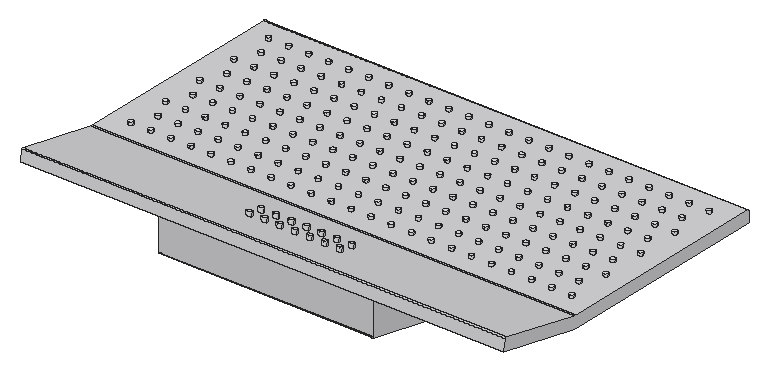
Revit family "Shower-Showerhead-KOHLER-BEITOU-K-22436T_1", category Plumbing Fixtures, host Face, Revit 2017 (continued)
Definition of nested family "K-22436T"
  Lines and regions (in)
    symbolic lines, detail levels medium+fine
      curve 277: arc (0.64607, 3.20992, 0) -> (0.73008, 3.29394, 0) -> (0.81409, 3.20992, 0) r 0.08401
      curve 278: arc (0.81409, 3.20992, 0) -> (0.73008, 3.12591, 0) -> (0.64607, 3.20992, 0) r 0.08401
      curve 279: arc (0.28006, 2.42502, 0) -> (0.36407, 2.50903, 0) -> (0.44808, 2.42502, 0) r 0.08401
      curve 280: arc (0.44808, 2.42502, 0) -> (0.36407, 2.34101, 0) -> (0.28006, 2.42502, 0) r 0.08401
      curve 281: arc (1.01625, 2.42502, 0) -> (1.10026, 2.50903, 0) -> (1.18428, 2.42502, 0) r 0.08401
      curve 282: arc (1.18428, 2.42502, 0) -> (1.10026, 2.34101, 0) -> (1.01625, 2.42502, 0) r 0.08401
      curve 283: arc (1.75455, 2.42502, 0) -> (1.83857, 2.50903, 0) -> (1.92258, 2.42502, 0) r 0.08401
      curve 284: arc (1.92258, 2.42502, 0) -> (1.83857, 2.34101, 0) -> (1.75455, 2.42502, 0) r 0.08401
      curve 285: arc (2.48227, 2.42502, 0) -> (2.56628, 2.50903, 0) -> (2.65029, 2.42502, 0) r 0.08401
      curve 286: arc (2.65029, 2.42502, 0) -> (2.56628, 2.34101, 0) -> (2.48227, 2.42502, 0) r 0.08401
      curve 287: arc (3.22057, 2.42502, 0) -> (3.30458, 2.50903, 0) -> (3.38859, 2.42502, 0) r 0.08401
      curve 288: arc (3.38859, 2.42502, 0) -> (3.30458, 2.34101, 0) -> (3.22057, 2.42502, 0) r 0.08401
      curve 289: arc (3.9486, 2.42502, 0) -> (4.03261, 2.50903, 0) -> (4.11662, 2.42502, 0) r 0.08401
      curve 290: arc (4.11662, 2.42502, 0) -> (4.03261, 2.34101, 0) -> (3.9486, 2.42502, 0) r 0.08401
      curve 291: arc (4.68007, 2.42502, 0) -> (4.76408, 2.50903, 0) -> (4.84809, 2.42502, 0) r 0.08401
      curve 292: arc (4.84809, 2.42502, 0) -> (4.76408, 2.34101, 0) -> (4.68007, 2.42502, 0) r 0.08401
      curve 293: arc (5.42257, 2.42502, 0) -> (5.50658, 2.50903, 0) -> (5.5906, 2.42502, 0) r 0.08401
      curve 294: arc (5.5906, 2.42502, 0) -> (5.50658, 2.34101, 0) -> (5.42257, 2.42502, 0) r 0.08401
      curve 295: arc (6.15746, 2.42502, 0) -> (6.24147, 2.50903, 0) -> (6.32548, 2.42502, 0) r 0.08401
      curve 296: arc (6.32548, 2.42502, 0) -> (6.24147, 2.34101, 0) -> (6.15746, 2.42502, 0) r 0.08401
      curve 297: arc (6.88572, 2.42502, 0) -> (6.96973, 2.50903, 0) -> (7.05375, 2.42502, 0) r 0.08401
      curve 298: arc (7.05375, 2.42502, 0) -> (6.96973, 2.34101, 0) -> (6.88572, 2.42502, 0) r 0.08401
      curve 299: arc (7.62195, 2.42502, 0) -> (7.70596, 2.50903, 0) -> (7.78998, 2.42502, 0) r 0.08401
      curve 300: arc (7.78998, 2.42502, 0) -> (7.70596, 2.34101, 0) -> (7.62195, 2.42502, 0) r 0.08401
      curve 301: arc (7.99046, 1.63475, 0) -> (8.07447, 1.71877, 0) -> (8.15848, 1.63475, 0) r 0.08401
      curve 302: arc (8.15848, 1.63475, 0) -> (8.07447, 1.55074, 0) -> (7.99046, 1.63475, 0) r 0.08401
      curve 303: arc (7.2576, 1.63475, 0) -> (7.34161, 1.71877, 0) -> (7.42563, 1.63475, 0) r 0.08401
      curve 304: arc (7.42563, 1.63475, 0) -> (7.34161, 1.55074, 0) -> (7.2576, 1.63475, 0) r 0.08401
      curve 305: arc (6.51529, 1.63475, 0) -> (6.5993, 1.71877, 0) -> (6.68331, 1.63475, 0) r 0.08401
      curve 306: arc (6.68331, 1.63475, 0) -> (6.5993, 1.55074, 0) -> (6.51529, 1.63475, 0) r 0.08401
      curve 307: arc (5.78139, 1.63475, 0) -> (5.86541, 1.71877, 0) -> (5.94942, 1.63475, 0) r 0.08401
      curve 308: arc (5.94942, 1.63475, 0) -> (5.86541, 1.55074, 0) -> (5.78139, 1.63475, 0) r 0.08401
      curve 309: arc (5.04516, 1.63475, 0) -> (5.12918, 1.71877, 0) -> (5.21319, 1.63475, 0) r 0.08401
      curve 310: arc (5.21319, 1.63475, 0) -> (5.12918, 1.55074, 0) -> (5.04516, 1.63475, 0) r 0.08401
      curve 311: arc (4.32031, 1.63475, 0) -> (4.40432, 1.71877, 0) -> (4.48833, 1.63475, 0) r 0.08401
      curve 312: arc (4.48833, 1.63475, 0) -> (4.40432, 1.55074, 0) -> (4.32031, 1.63475, 0) r 0.08401
      curve 313: arc (3.58278, 1.63475, 0) -> (3.66679, 1.71877, 0) -> (3.75081, 1.63475, 0) r 0.08401
      curve 314: arc (3.75081, 1.63475, 0) -> (3.66679, 1.55074, 0) -> (3.58278, 1.63475, 0) r 0.08401
      curve 315: arc (2.85156, 1.63475, 0) -> (2.93557, 1.71877, 0) -> (3.01958, 1.63475, 0) r 0.08401
      curve 316: arc (3.01958, 1.63475, 0) -> (2.93557, 1.55074, 0) -> (2.85156, 1.63475, 0) r 0.08401
      curve 317: arc (2.11725, 1.63475, 0) -> (2.20126, 1.71877, 0) -> (2.28527, 1.63475, 0) r 0.08401
      curve 318: arc (2.28527, 1.63475, 0) -> (2.20126, 1.55074, 0) -> (2.11725, 1.63475, 0) r 0.08401
      curve 319: arc (1.38169, 1.63475, 0) -> (1.4657, 1.71877, 0) -> (1.54971, 1.63475, 0) r 0.08401
      curve 320: arc (1.54971, 1.63475, 0) -> (1.4657, 1.55074, 0) -> (1.38169, 1.63475, 0) r 0.08401
      curve 321: arc (0.64814, 1.63475, 0) -> (0.73216, 1.71877, 0) -> (0.81617, 1.63475, 0) r 0.08401
      curve 322: arc (0.81617, 1.63475, 0) -> (0.73216, 1.55074, 0) -> (0.64814, 1.63475, 0) r 0.08401
      curve 323: arc (0.28063, 0.84663, 0) -> (0.36465, 0.93064, 0) -> (0.44866, 0.84663, 0) r 0.08401
      curve 324: arc (0.44866, 0.84663, 0) -> (0.36465, 0.76261, 0) -> (0.28063, 0.84663, 0) r 0.08401
      curve 325: arc (1.01771, 0.84663, 0) -> (1.10172, 0.93064, 0) -> (1.18573, 0.84663, 0) r 0.08401
      curve 326: arc (1.18573, 0.84663, 0) -> (1.10172, 0.76261, 0) -> (1.01771, 0.84663, 0) r 0.08401
      curve 327: arc (1.75508, 0.84663, 0) -> (1.83909, 0.93064, 0) -> (1.92311, 0.84663, 0) r 0.08401
      curve 328: arc (1.92311, 0.84663, 0) -> (1.83909, 0.76261, 0) -> (1.75508, 0.84663, 0) r 0.08401
      curve 329: arc (2.48012, 0.84663, 0) -> (2.56413, 0.93064, 0) -> (2.64815, 0.84663, 0) r 0.08401
      curve 330: arc (2.64815, 0.84663, 0) -> (2.56413, 0.76261, 0) -> (2.48012, 0.84663, 0) r 0.08401
      curve 331: arc (3.21842, 0.84663, 0) -> (3.30244, 0.93064, 0) -> (3.38645, 0.84663, 0) r 0.08401
      curve 332: arc (3.38645, 0.84663, 0) -> (3.30244, 0.76261, 0) -> (3.21842, 0.84663, 0) r 0.08401
      curve 333: arc (3.94566, 0.84663, 0) -> (4.02967, 0.93064, 0) -> (4.11368, 0.84663, 0) r 0.08401
      curve 334: arc (4.11368, 0.84663, 0) -> (4.02967, 0.76261, 0) -> (3.94566, 0.84663, 0) r 0.08401
      curve 335: arc (4.68582, 0.84663, 0) -> (4.76983, 0.93064, 0) -> (4.85384, 0.84663, 0) r 0.08401
      curve 336: arc (4.85384, 0.84663, 0) -> (4.76983, 0.76261, 0) -> (4.68582, 0.84663, 0) r 0.08401
      curve 337: arc (5.4218, 0.84663, 0) -> (5.50582, 0.93064, 0) -> (5.58983, 0.84663, 0) r 0.08401
      curve 338: arc (5.58983, 0.84663, 0) -> (5.50582, 0.76261, 0) -> (5.4218, 0.84663, 0) r 0.08401
      curve 339: arc (6.15631, 0.84663, 0) -> (6.24033, 0.93064, 0) -> (6.32434, 0.84663, 0) r 0.08401
      curve 340: arc (6.32434, 0.84663, 0) -> (6.24033, 0.76261, 0) -> (6.15631, 0.84663, 0) r 0.08401
      curve 341: arc (6.882, 0.84663, 0) -> (6.96602, 0.93064, 0) -> (7.05003, 0.84663, 0) r 0.08401
      curve 342: arc (7.05003, 0.84663, 0) -> (6.96602, 0.76261, 0) -> (6.882, 0.84663, 0) r 0.08401
      curve 343: arc (7.611, 0.84663, 0) -> (7.69501, 0.93064, 0) -> (7.77902, 0.84663, 0) r 0.08401
      curve 344: arc (7.77902, 0.84663, 0) -> (7.69501, 0.76261, 0) -> (7.611, 0.84663, 0) r 0.08401
      curve 345: arc (7.97781, 0.06, 0) -> (8.06182, 0.14401, 0) -> (8.14583, 0.06, 0) r 0.08401
      curve 346: arc (8.14583, 0.06, 0) -> (8.06182, -0.02402, 0) -> (7.97781, 0.06, 0) r 0.08401
      curve 347: arc (7.24702, 0.06, 0) -> (7.33103, 0.14401, 0) -> (7.41504, 0.06, 0) r 0.08401
      curve 348: arc (7.41504, 0.06, 0) -> (7.33103, -0.02402, 0) -> (7.24702, 0.06, 0) r 0.08401
      curve 349: arc (6.52062, 0.06, 0) -> (6.60464, 0.14401, 0) -> (6.68865, 0.06, 0) r 0.08401
      curve 350: arc (6.68865, 0.06, 0) -> (6.60464, -0.02402, 0) -> (6.52062, 0.06, 0) r 0.08401
      curve 351: arc (5.78884, 0.06, 0) -> (5.87286, 0.14401, 0) -> (5.95687, 0.06, 0) r 0.08401
      curve 352: arc (5.95687, 0.06, 0) -> (5.87286, -0.02402, 0) -> (5.78884, 0.06, 0) r 0.08401
      curve 353: arc (5.05465, 0.06, 0) -> (5.13866, 0.14401, 0) -> (5.22267, 0.06, 0) r 0.08401
      curve 354: arc (5.22267, 0.06, 0) -> (5.13866, -0.02402, 0) -> (5.05465, 0.06, 0) r 0.08401
      curve 355: arc (4.31266, 0.06, 0) -> (4.39667, 0.14401, 0) -> (4.48068, 0.06, 0) r 0.08401
      curve 356: arc (4.48068, 0.06, 0) -> (4.39667, -0.02402, 0) -> (4.31266, 0.06, 0) r 0.08401
      curve 357: arc (3.58119, 0.06, 0) -> (3.66521, 0.14401, 0) -> (3.74922, 0.06, 0) r 0.08401
      curve 358: arc (3.74922, 0.06, 0) -> (3.66521, -0.02402, 0) -> (3.58119, 0.06, 0) r 0.08401
      curve 359: arc (2.84833, 0.06, 0) -> (2.93234, 0.14401, 0) -> (3.01636, 0.06, 0) r 0.08401
      curve 360: arc (3.01636, 0.06, 0) -> (2.93234, -0.02402, 0) -> (2.84833, 0.06, 0) r 0.08401
      curve 361: arc (2.11421, 0.06, 0) -> (2.19822, 0.14401, 0) -> (2.28223, 0.06, 0) r 0.08401
      curve 362: arc (2.28223, 0.06, 0) -> (2.19822, -0.02402, 0) -> (2.11421, 0.06, 0) r 0.08401
      curve 363: arc (1.38593, 0.06, 0) -> (1.46995, 0.14401, 0) -> (1.55396, 0.06, 0) r 0.08401
      curve 364: arc (1.55396, 0.06, 0) -> (1.46995, -0.02402, 0) -> (1.38593, 0.06, 0) r 0.08401
      curve 365: arc (0.64676, 0.06, 0) -> (0.73077, 0.14401, 0) -> (0.81478, 0.06, 0) r 0.08401
      curve 366: arc (0.81478, 0.06, 0) -> (0.73077, -0.02402, 0) -> (0.64676, 0.06, 0) r 0.08401
      curve 367: arc (0.44696, -0.72881, 0) -> (0.36294, -0.81282, 0) -> (0.27893, -0.72881, 0) r 0.08401
      curve 368: arc (0.27893, -0.72881, 0) -> (0.36294, -0.6448, 0) -> (0.44696, -0.72881, 0) r 0.08401
      curve 369: arc (1.01413, -0.72881, 0) -> (1.09815, -0.6448, 0) -> (1.18216, -0.72881, 0) r 0.08401
      curve 370: arc (1.18216, -0.72881, 0) -> (1.09815, -0.81282, 0) -> (1.01413, -0.72881, 0) r 0.08401
      curve 371: arc (1.74989, -0.72881, 0) -> (1.83391, -0.6448, 0) -> (1.91792, -0.72881, 0) r 0.08401
      curve 372: arc (1.91792, -0.72881, 0) -> (1.83391, -0.81282, 0) -> (1.74989, -0.72881, 0) r 0.08401
      curve 373: arc (2.4848, -0.72881, 0) -> (2.56881, -0.6448, 0) -> (2.65282, -0.72881, 0) r 0.08401
      curve 374: arc (2.65282, -0.72881, 0) -> (2.56881, -0.81282, 0) -> (2.4848, -0.72881, 0) r 0.08401
      curve 375: arc (3.21827, -0.72881, 0) -> (3.30228, -0.6448, 0) -> (3.38629, -0.72881, 0) r 0.08401
      curve 376: arc (3.38629, -0.72881, 0) -> (3.30228, -0.81282, 0) -> (3.21827, -0.72881, 0) r 0.08401
      curve 377: arc (3.94904, -0.72881, 0) -> (4.03305, -0.6448, 0) -> (4.11706, -0.72881, 0) r 0.08401
      curve 378: arc (4.11706, -0.72881, 0) -> (4.03305, -0.81282, 0) -> (3.94904, -0.72881, 0) r 0.08401
      curve 379: arc (4.68687, -0.72881, 0) -> (4.77088, -0.6448, 0) -> (4.85489, -0.72881, 0) r 0.08401
      curve 380: arc (4.85489, -0.72881, 0) -> (4.77088, -0.81282, 0) -> (4.68687, -0.72881, 0) r 0.08401
      curve 381: arc (5.41796, -0.72881, 0) -> (5.50197, -0.6448, 0) -> (5.58598, -0.72881, 0) r 0.08401
      curve 382: arc (5.58598, -0.72881, 0) -> (5.50197, -0.81282, 0) -> (5.41796, -0.72881, 0) r 0.08401
      curve 383: arc (6.15927, -0.72881, 0) -> (6.24329, -0.6448, 0) -> (6.3273, -0.72881, 0) r 0.08401
      curve 384: arc (6.3273, -0.72881, 0) -> (6.24329, -0.81282, 0) -> (6.15927, -0.72881, 0) r 0.08401
      curve 385: arc (6.88386, -0.72881, 0) -> (6.96787, -0.6448, 0) -> (7.05188, -0.72881, 0) r 0.08401
      curve 386: arc (7.05188, -0.72881, 0) -> (6.96787, -0.81282, 0) -> (6.88386, -0.72881, 0) r 0.08401
      curve 387: arc (7.6232, -0.72881, 0) -> (7.70721, -0.6448, 0) -> (7.79122, -0.72881, 0) r 0.08401
      curve 388: arc (7.79122, -0.72881, 0) -> (7.70721, -0.81282, 0) -> (7.6232, -0.72881, 0) r 0.08401
      curve 389: arc (7.98939, -1.51412, 0) -> (8.07341, -1.43011, 0) -> (8.15742, -1.51412, 0) r 0.08401
      curve 390: arc (8.15742, -1.51412, 0) -> (8.07341, -1.59813, 0) -> (7.98939, -1.51412, 0) r 0.08401
      curve 391: arc (7.25332, -1.51412, 0) -> (7.33733, -1.43011, 0) -> (7.42134, -1.51412, 0) r 0.08401
      curve 392: arc (7.42134, -1.51412, 0) -> (7.33733, -1.59813, 0) -> (7.25332, -1.51412, 0) r 0.08401
      curve 393: arc (6.52053, -1.51412, 0) -> (6.60454, -1.43011, 0) -> (6.68856, -1.51412, 0) r 0.08401
      curve 394: arc (6.68856, -1.51412, 0) -> (6.60454, -1.59813, 0) -> (6.52053, -1.51412, 0) r 0.08401
      curve 395: arc (5.78361, -1.51412, 0) -> (5.86762, -1.43011, 0) -> (5.95164, -1.51412, 0) r 0.08401
      curve 396: arc (5.95164, -1.51412, 0) -> (5.86762, -1.59813, 0) -> (5.78361, -1.51412, 0) r 0.08401
      curve 397: arc (5.05467, -1.51412, 0) -> (5.13868, -1.43011, 0) -> (5.22269, -1.51412, 0) r 0.08401
      curve 398: arc (5.22269, -1.51412, 0) -> (5.13868, -1.59813, 0) -> (5.05467, -1.51412, 0) r 0.08401
      curve 399: arc (4.31959, -1.51412, 0) -> (4.4036, -1.43011, 0) -> (4.48762, -1.51412, 0) r 0.08401
      curve 400: arc (4.48762, -1.51412, 0) -> (4.4036, -1.59813, 0) -> (4.31959, -1.51412, 0) r 0.08401
      curve 401: arc (3.58729, -1.51412, 0) -> (3.6713, -1.43011, 0) -> (3.75531, -1.51412, 0) r 0.08401
      curve 402: arc (3.75531, -1.51412, 0) -> (3.6713, -1.59813, 0) -> (3.58729, -1.51412, 0) r 0.08401
      curve 403: arc (2.8483, -1.51412, 0) -> (2.93232, -1.43011, 0) -> (3.01633, -1.51412, 0) r 0.08401
      curve 404: arc (3.01633, -1.51412, 0) -> (2.93232, -1.59813, 0) -> (2.8483, -1.51412, 0) r 0.08401
      curve 405: arc (2.12292, -1.51412, 0) -> (2.20693, -1.43011, 0) -> (2.29095, -1.51412, 0) r 0.08401
      curve 406: arc (2.29095, -1.51412, 0) -> (2.20693, -1.59813, 0) -> (2.12292, -1.51412, 0) r 0.08401
      curve 407: arc (1.38053, -1.51412, 0) -> (1.46454, -1.43011, 0) -> (1.54855, -1.51412, 0) r 0.08401
      curve 408: arc (1.54855, -1.51412, 0) -> (1.46454, -1.59813, 0) -> (1.38053, -1.51412, 0) r 0.08401
      curve 409: arc (0.64646, -1.51412, 0) -> (0.73047, -1.43011, 0) -> (0.81448, -1.51412, 0) r 0.08401
      curve 410: arc (0.81448, -1.51412, 0) -> (0.73047, -1.59813, 0) -> (0.64646, -1.51412, 0) r 0.08401
      curve 411: arc (1.56584, -3.56496, 0) -> (1.65481, -3.47599, 0) -> (1.74378, -3.56496, 0) r 0.08897
      curve 412: arc (1.74378, -3.56496, 0) -> (1.65481, -3.65393, 0) -> (1.56584, -3.56496, 0) r 0.08897
      curve 413: arc (1.01852, -3.56496, 0) -> (1.10749, -3.47599, 0) -> (1.19646, -3.56496, 0) r 0.08897
      curve 414: arc (1.19646, -3.56496, 0) -> (1.10749, -3.65393, 0) -> (1.01852, -3.56496, 0) r 0.08897
      curve 415: arc (0.45766, -3.56496, 0) -> (0.54663, -3.47599, 0) -> (0.6356, -3.56496, 0) r 0.08897
      curve 416: arc (0.6356, -3.56496, 0) -> (0.54663, -3.65393, 0) -> (0.45766, -3.56496, 0) r 0.08897
      curve 417: arc (0.4637, -4.10718, 0) -> (0.55267, -4.01821, 0) -> (0.64164, -4.10718, 0) r 0.08897
      curve 418: arc (0.64164, -4.10718, 0) -> (0.55267, -4.19615, 0) -> (0.4637, -4.10718, 0) r 0.08897
      curve 419: arc (1.01327, -4.10718, 0) -> (1.10224, -4.01821, 0) -> (1.19121, -4.10718, 0) r 0.08897
      curve 420: arc (1.19121, -4.10718, 0) -> (1.10224, -4.19615, 0) -> (1.01327, -4.10718, 0) r 0.08897
      curve 421: arc (1.56584, -4.10718, 0) -> (1.65481, -4.01821, 0) -> (1.74378, -4.10718, 0) r 0.08897
      curve 422: arc (1.74378, -4.10718, 0) -> (1.65481, -4.19615, 0) -> (1.56584, -4.10718, 0) r 0.08897
      curve 423: arc (0.08401, 4.78618, 0) -> (0, 4.87019, 0) -> (-0.08401, 4.78618, 0) r 0.08401
      curve 424: arc (-0.08401, 4.78618, 0) -> (0, 4.70217, 0) -> (0.08401, 4.78618, 0) r 0.08401
      curve 425: arc (0.08401, 3.21138, 0) -> (0, 3.29539, 0) -> (-0.08401, 3.21138, 0) r 0.08401
      curve 426: arc (-0.08401, 3.21138, 0) -> (0, 3.12737, 0) -> (0.08401, 3.21138, 0) r 0.08401
      curve 427: arc (0.08401, 1.63657, 0) -> (0, 1.72059, 0) -> (-0.08401, 1.63657, 0) r 0.08401
      curve 428: arc (-0.08401, 1.63657, 0) -> (0, 1.55256, 0) -> (0.08401, 1.63657, 0) r 0.08401
      curve 429: arc (-0.08401, -1.51303, 0) -> (0, -1.59704, 0) -> (0.08401, -1.51303, 0) r 0.08401
      curve 430: arc (0.08401, -1.51303, 0) -> (0, -1.42902, 0) -> (-0.08401, -1.51303, 0) r 0.08401
      curve 431: arc (-0.08897, -3.56496, 0) -> (0, -3.65393, 0) -> (0.08897, -3.56496, 0) r 0.08897
      curve 432: arc (0.08897, -3.56496, 0) -> (0, -3.47599, 0) -> (-0.08897, -3.56496, 0) r 0.08897
      curve 433: arc (-0.08897, -4.10718, 0) -> (0, -4.19615, 0) -> (0.08897, -4.10718, 0) r 0.08897
      curve 434: arc (0.08897, -4.10718, 0) -> (0, -4.01821, 0) -> (-0.08897, -4.10718, 0) r 0.08897
      curve 435: line (-8.85827, -2.56969, 0) -> (8.85827, -2.56969, 0)
      curve 436: line (-8.85894, -5.39318, 0) -> (8.85759, -5.39318, 0)
      curve 437: line (-8.85827, -2.49817, 0) -> (8.85827, -2.49817, 0)
      curve 438: line (0.91076, 0, 0.7874) -> (-0.91076, 0, 0.7874)
      curve 439: arc (-0.07807, 0, 0.39197) -> (-0.00109, 0, 0.31499) -> (0.07589, 0, 0.39197) r 0.07698
      curve 440: arc (0.07589, 0, 0.39197) -> (-0.00109, 0, 0.46895) -> (-0.07807, 0, 0.39197) r 0.07698
      curve 441: line (-0.05779, 0, 0.44403) -> (-0.85416, 0, 0.44403)
      curve 442: line (-0.04976, 0, 0.33233) -> (-0.85416, 0, 0.33233)
      curve 443: arc (-0.85416, 0, 0.33233) -> (-0.91001, 0, 0.38818) -> (-0.85416, 0, 0.44403) r 0.05585
      curve 444: line (0.05562, 0, 0.44403) -> (0.85416, 0, 0.44403)
      curve 445: line (0.04759, 0, 0.33233) -> (0.85416, 0, 0.33233)
      curve 446: arc (0.85416, 0, 0.33233) -> (0.91001, 0, 0.38818) -> (0.85416, 0, 0.44403) r 0.05585
      curve 447: line (0, 0.40404, 0.7874) -> (0, -0.38336, 0.7874)
      curve 448: line (0, -5.58585, 2.76762) -> (0, -2.4299, 2.09681)
      curve 449: arc (0, -2.4299, 2.09681) -> (0, -2.345, 2.08336) -> (0, -2.25916, 2.07886) r 0.82123
      curve 450: line (0, -2.25916, 2.07874) -> (0, 2.47899, 2.07874)
      curve 451: line (0, 4.87016, 2.51181) -> (0, 4.70217, 2.51181)
      curve 452: line (0, 4.07926, 2.51181) -> (0, 3.9112, 2.51181)
      curve 453: line (0, 3.29546, 2.51181) -> (0, 3.12591, 2.51181)
      curve 454: line (0, 2.50905, 2.51181) -> (0, 2.34101, 2.51181)
      curve 455: line (0, 1.72065, 2.51181) -> (0, 1.55074, 2.51181)
      curve 456: line (0, 0.93065, 2.51181) -> (0, 0.76261, 2.51181)
      curve 457: line (0, 0.14581, 2.51181) -> (0, -0.02402, 2.51181)
      curve 458: line (0, -0.64483, 2.51181) -> (0, -0.81282, 2.51181)
      curve 459: line (0, -1.429, 2.51181) -> (0, -1.59813, 2.51181)
      curve 460: line (0, -3.47587, 2.76103) -> (0, -3.65371, 2.79883)
      curve 461: line (0, -4.01829, 2.87633) -> (0, -4.19592, 2.91409)
      curve 462: line (-3.93701, 0, 2.07874) -> (3.93701, 0, 2.07874)
      curve 463: line (8.85827, 0, 2.51196) -> (-8.85827, 0, 2.51196)
      curve 464: line (8.1581, 0, 2.51196) -> (8.1581, 0, 2.57915)
      curve 465: line (8.1581, 0, 2.57915) -> (7.9779, 0, 2.57915)
      curve 466: line (7.9779, 0, 2.57915) -> (7.9779, 0, 2.51196)
      curve 467: line (7.78964, 0, 2.51196) -> (7.78964, 0, 2.57932)
      curve 468: line (7.78964, 0, 2.57932) -> (7.61176, 0, 2.57932)
      curve 469: line (7.61176, 0, 2.57932) -> (7.61176, 0, 2.51196)
      curve 470: line (7.42591, 0, 2.51196) -> (7.42591, 0, 2.57935)
      curve 471: line (7.42591, 0, 2.57935) -> (7.24678, 0, 2.57935)
      curve 472: line (7.24678, 0, 2.57935) -> (7.24678, 0, 2.51196)
      curve 473: line (7.05805, 0, 2.51196) -> (7.05805, 0, 2.57972)
      curve 474: line (7.05805, 0, 2.57972) -> (6.88146, 0, 2.57972)
      curve 475: line (6.88146, 0, 2.57972) -> (6.88146, 0, 2.51196)
      curve 476: line (6.69381, 0, 2.51196) -> (6.69381, 0, 2.57955)
      curve 477: line (6.69381, 0, 2.57955) -> (6.51433, 0, 2.57955)
      curve 478: line (6.51433, 0, 2.57955) -> (6.51433, 0, 2.51196)
      curve 479: line (6.32774, 0, 2.51196) -> (6.32774, 0, 2.57922)
      curve 480: line (6.32774, 0, 2.57922) -> (6.15639, 0, 2.57922)
      curve 481: line (6.15639, 0, 2.57922) -> (6.15639, 0, 2.51196)
      curve 482: line (5.9581, 0, 2.51196) -> (5.9581, 0, 2.57917)
      curve 483: line (5.9581, 0, 2.57917) -> (5.78178, 0, 2.57917)
      curve 484: line (5.78178, 0, 2.57917) -> (5.78178, 0, 2.51196)
      curve 485: line (5.59031, 0, 2.51196) -> (5.59031, 0, 2.57967)
      curve 486: line (5.59031, 0, 2.57967) -> (5.4181, 0, 2.57967)
      curve 487: line (5.4181, 0, 2.57967) -> (5.4181, 0, 2.51196)
      curve 488: line (5.22249, 0, 2.51196) -> (5.22249, 0, 2.57921)
      curve 489: line (5.22249, 0, 2.57921) -> (5.04503, 0, 2.57921)
      curve 490: line (5.04503, 0, 2.57921) -> (5.04503, 0, 2.51196)
      curve 491: line (4.85535, 0, 2.51196) -> (4.85535, 0, 2.57946)
      curve 492: line (4.85535, 0, 2.57946) -> (4.68042, 0, 2.57946)
      curve 493: line (4.68042, 0, 2.57946) -> (4.68042, 0, 2.51196)
      curve 494: line (4.49202, 0, 2.51196) -> (4.49202, 0, 2.57902)
      curve 495: line (4.49202, 0, 2.57902) -> (4.31257, 0, 2.57902)
      curve 496: line (4.31257, 0, 2.57902) -> (4.31257, 0, 2.51196)
      curve 497: line (4.12224, 0, 2.51196) -> (4.12224, 0, 2.57908)
      curve 498: line (4.12224, 0, 2.57908) -> (3.94523, 0, 2.57908)
      curve 499: line (3.94523, 0, 2.57908) -> (3.94523, 0, 2.51196)
      curve 500: line (3.75475, 0, 2.51196) -> (3.75475, 0, 2.58101)
      curve 501: line (3.75475, 0, 2.58101) -> (3.57969, 0, 2.58101)
      curve 502: line (3.57969, 0, 2.58101) -> (3.57969, 0, 2.51196)
      curve 503: line (3.38813, 0, 2.51196) -> (3.38813, 0, 2.57968)
      curve 504: line (3.38813, 0, 2.57968) -> (3.21481, 0, 2.57968)
      curve 505: line (3.21481, 0, 2.57968) -> (3.21481, 0, 2.51196)
      curve 506: line (3.01796, 0, 2.51196) -> (3.01796, 0, 2.57995)
      curve 507: line (3.01796, 0, 2.57995) -> (2.84654, 0, 2.57995)
      curve 508: line (2.84654, 0, 2.57995) -> (2.84654, 0, 2.51196)
      curve 509: line (2.65567, 0, 2.51196) -> (2.65567, 0, 2.57922)
      curve 510: line (2.65567, 0, 2.57922) -> (2.48021, 0, 2.57922)
      curve 511: line (2.48021, 0, 2.57922) -> (2.48021, 0, 2.51196)
      curve 512: line (2.29142, 0, 2.51196) -> (2.29142, 0, 2.57917)
      curve 513: line (2.29142, 0, 2.57917) -> (2.11421, 0, 2.57917)
      curve 514: line (2.11421, 0, 2.57917) -> (2.11421, 0, 2.51196)
      curve 515: line (1.92417, 0, 2.51196) -> (1.92417, 0, 2.58034)
      curve 516: line (1.92417, 0, 2.58034) -> (1.74931, 0, 2.58034)
      curve 517: line (1.74931, 0, 2.58034) -> (1.74931, 0, 2.51196)
      curve 518: line (1.55246, 0, 2.51196) -> (1.55246, 0, 2.57813)
      curve 519: line (1.55246, 0, 2.57813) -> (1.38212, 0, 2.57813)
      curve 520: line (1.38212, 0, 2.57813) -> (1.38212, 0, 2.51196)
      curve 521: line (1.18527, 0, 2.51196) -> (1.18527, 0, 2.57907)
      curve 522: line (1.18527, 0, 2.57907) -> (1.0153, 0, 2.57907)
      curve 523: line (1.0153, 0, 2.57907) -> (1.0153, 0, 2.51196)
      curve 524: line (0.81845, 0, 2.51196) -> (0.81845, 0, 2.57917)
      curve 525: line (0.81845, 0, 2.57917) -> (0.64814, 0, 2.57917)
      curve 526: line (0.64814, 0, 2.57917) -> (0.64814, 0, 2.51196)
      curve 527: line (0.45129, 0, 2.51196) -> (0.45129, 0, 2.58081)
      curve 528: line (0.45129, 0, 2.58081) -> (0.28099, 0, 2.58081)
      curve 529: line (0.28099, 0, 2.58081) -> (0.28099, 0, 2.51196)
      curve 530: line (-8.1581, 0, 2.51196) -> (-8.1581, 0, 2.57915)
      curve 531: line (-8.1581, 0, 2.57915) -> (-7.9779, 0, 2.57915)
      curve 532: line (-7.9779, 0, 2.57915) -> (-7.9779, 0, 2.51196)
      curve 533: line (-7.78964, 0, 2.51196) -> (-7.78964, 0, 2.57932)
      curve 534: line (-7.78964, 0, 2.57932) -> (-7.61176, 0, 2.57932)
      curve 535: line (-7.61176, 0, 2.57932) -> (-7.61176, 0, 2.51196)
      curve 536: line (-7.42591, 0, 2.51196) -> (-7.42591, 0, 2.57935)
      curve 537: line (-7.42591, 0, 2.57935) -> (-7.24678, 0, 2.57935)
      curve 538: line (-7.24678, 0, 2.57935) -> (-7.24678, 0, 2.51196)
      curve 539: line (-7.05805, 0, 2.51196) -> (-7.05805, 0, 2.57972)
      curve 540: line (-7.05805, 0, 2.57972) -> (-6.88146, 0, 2.57972)
      curve 541: line (-6.88146, 0, 2.57972) -> (-6.88146, 0, 2.51196)
      curve 542: line (-6.69381, 0, 2.51196) -> (-6.69381, 0, 2.57955)
      curve 543: line (-6.69381, 0, 2.57955) -> (-6.51433, 0, 2.57955)
      curve 544: line (-6.51433, 0, 2.57955) -> (-6.51433, 0, 2.51196)
      curve 545: line (-6.32774, 0, 2.51196) -> (-6.32774, 0, 2.57922)
      curve 546: line (-6.32774, 0, 2.57922) -> (-6.15639, 0, 2.57922)
      curve 547: line (-6.15639, 0, 2.57922) -> (-6.15639, 0, 2.51196)
      curve 548: line (-5.9581, 0, 2.51196) -> (-5.9581, 0, 2.57917)
      curve 549: line (-5.9581, 0, 2.57917) -> (-5.78178, 0, 2.57917)
      curve 550: line (-5.78178, 0, 2.57917) -> (-5.78178, 0, 2.51196)
      curve 551: line (-5.59031, 0, 2.51196) -> (-5.59031, 0, 2.57967)
      curve 552: line (-5.59031, 0, 2.57967) -> (-5.4181, 0, 2.57967)
      curve 553: line (-5.4181, 0, 2.57967) -> (-5.4181, 0, 2.51196)
      curve 554: line (-5.22249, 0, 2.51196) -> (-5.22249, 0, 2.57921)
      curve 555: line (-5.22249, 0, 2.57921) -> (-5.04503, 0, 2.57921)
      curve 556: line (-5.04503, 0, 2.57921) -> (-5.04503, 0, 2.51196)
      curve 557: line (-4.85535, 0, 2.51196) -> (-4.85535, 0, 2.57946)
      curve 558: line (-4.85535, 0, 2.57946) -> (-4.68042, 0, 2.57946)
      curve 559: line (-4.68042, 0, 2.57946) -> (-4.68042, 0, 2.51196)
      curve 560: line (-4.49202, 0, 2.51196) -> (-4.49202, 0, 2.57902)
      curve 561: line (-4.49202, 0, 2.57902) -> (-4.31257, 0, 2.57902)
      curve 562: line (-4.31257, 0, 2.57902) -> (-4.31257, 0, 2.51196)
      curve 563: line (-4.12224, 0, 2.51196) -> (-4.12224, 0, 2.57908)
      curve 564: line (-4.12224, 0, 2.57908) -> (-3.94523, 0, 2.57908)
      curve 565: line (-3.94523, 0, 2.57908) -> (-3.94523, 0, 2.51196)
      curve 566: line (-3.75475, 0, 2.51196) -> (-3.75475, 0, 2.58101)
      curve 567: line (-3.75475, 0, 2.58101) -> (-3.57969, 0, 2.58101)
      curve 568: line (-3.57969, 0, 2.58101) -> (-3.57969, 0, 2.51196)
      curve 569: line (-3.38813, 0, 2.51196) -> (-3.38813, 0, 2.57968)
      curve 570: line (-3.38813, 0, 2.57968) -> (-3.21481, 0, 2.57968)
      curve 571: line (-3.21481, 0, 2.57968) -> (-3.21481, 0, 2.51196)
      curve 572: line (-3.01796, 0, 2.51196) -> (-3.01796, 0, 2.57995)
      curve 573: line (-3.01796, 0, 2.57995) -> (-2.84654, 0, 2.57995)
      curve 574: line (-2.84654, 0, 2.57995) -> (-2.84654, 0, 2.51196)
      curve 575: line (-2.65567, 0, 2.51196) -> (-2.65567, 0, 2.57922)
      curve 576: line (-2.65567, 0, 2.57922) -> (-2.48021, 0, 2.57922)
      curve 577: line (-2.48021, 0, 2.57922) -> (-2.48021, 0, 2.51196)
      curve 578: line (-2.29142, 0, 2.51196) -> (-2.29142, 0, 2.57917)
      curve 579: line (-2.29142, 0, 2.57917) -> (-2.11421, 0, 2.57917)
      curve 580: line (-2.11421, 0, 2.57917) -> (-2.11421, 0, 2.51196)
      curve 581: line (-1.92417, 0, 2.51196) -> (-1.92417, 0, 2.58034)
      curve 582: line (-1.92417, 0, 2.58034) -> (-1.74931, 0, 2.58034)
      curve 583: line (-1.74931, 0, 2.58034) -> (-1.74931, 0, 2.51196)
      curve 584: line (-1.55246, 0, 2.51196) -> (-1.55246, 0, 2.57813)
      curve 585: line (-1.55246, 0, 2.57813) -> (-1.38212, 0, 2.57813)
      curve 586: line (-1.38212, 0, 2.57813) -> (-1.38212, 0, 2.51196)
      curve 587: line (-1.18527, 0, 2.51196) -> (-1.18527, 0, 2.57907)
      curve 588: line (-1.18527, 0, 2.57907) -> (-1.0153, 0, 2.57907)
      curve 589: line (-1.0153, 0, 2.57907) -> (-1.0153, 0, 2.51196)
      curve 590: line (-0.81845, 0, 2.51196) -> (-0.81845, 0, 2.57917)
      curve 591: line (-0.81845, 0, 2.57917) -> (-0.64814, 0, 2.57917)
      curve 592: line (-0.64814, 0, 2.57917) -> (-0.64814, 0, 2.51196)
      curve 593: line (-0.45129, 0, 2.51196) -> (-0.45129, 0, 2.58081)
      curve 594: line (-0.45129, 0, 2.58081) -> (-0.28099, 0, 2.58081)
      curve 595: line (-0.28099, 0, 2.58081) -> (-0.28099, 0, 2.51196)
      curve 596: line (0.08401, 0, 2.57917) -> (-0.08401, 0, 2.57917)
      curve 597: line (-0.08401, 0, 2.57917) -> (-0.08401, 0, 2.51196)
      curve 598: line (0.08401, 0, 2.57917) -> (0.08401, 0, 2.51196)
      curve 599: spline (1.56611, 0, 3.03761) -> (1.56869, 0, 3.03275) -> (1.57731, 0, 3.02821) -> (1.59137, 0, 3.0243) -> (1.60987, 0, 3.02129) -> (1.63152, 0, 3.01939) -> (1.65481, 0, 3.01874) -> (1.67809, 0, 3.01939) -> (1.69974, 0, 3.02129) -> (1.71824, 0, 3.0243) -> (1.7323, 0, 3.02821) -> (1.74092, 0, 3.03275) -> (1.7435, 0, 3.03761)
      curve 600: spline (1.7435, 0, 3.03761) -> (1.74092, 0, 3.04246) -> (1.7323, 0, 3.04701) -> (1.71824, 0, 3.05092) -> (1.69974, 0, 3.05393) -> (1.67809, 0, 3.05582) -> (1.65481, 0, 3.05647) -> (1.63152, 0, 3.05582) -> (1.60987, 0, 3.05393) -> (1.59137, 0, 3.05092) -> (1.57731, 0, 3.04701) -> (1.56869, 0, 3.04246) -> (1.56611, 0, 3.03761)
      curve 601: line (1.7435, 0, 3.03761) -> (1.7435, 0, 2.92236)
      curve 602: line (1.56611, 0, 3.03761) -> (1.56611, 0, 2.92236)
      curve 603: spline (1.01355, 0, 3.03761) -> (1.01613, 0, 3.03275) -> (1.02475, 0, 3.02821) -> (1.0388, 0, 3.0243) -> (1.0573, 0, 3.02129) -> (1.07896, 0, 3.01939) -> (1.10224, 0, 3.01874) -> (1.12553, 0, 3.01939) -> (1.14718, 0, 3.02129) -> (1.16568, 0, 3.0243) -> (1.17973, 0, 3.02821) -> (1.18835, 0, 3.03275) -> (1.19093, 0, 3.03761)
      curve 604: spline (1.19093, 0, 3.03761) -> (1.18835, 0, 3.04246) -> (1.17973, 0, 3.04701) -> (1.16568, 0, 3.05092) -> (1.14718, 0, 3.05393) -> (1.12553, 0, 3.05582) -> (1.10224, 0, 3.05647) -> (1.07896, 0, 3.05582) -> (1.0573, 0, 3.05393) -> (1.0388, 0, 3.05092) -> (1.02475, 0, 3.04701) -> (1.01613, 0, 3.04246) -> (1.01355, 0, 3.03761)
      curve 605: line (1.19093, 0, 3.03761) -> (1.19093, 0, 2.92293)
      curve 606: line (1.01355, 0, 3.03761) -> (1.01355, 0, 2.92293)
      curve 607: spline (0.46398, 0, 3.03761) -> (0.46656, 0, 3.03275) -> (0.47518, 0, 3.02821) -> (0.48924, 0, 3.0243) -> (0.50774, 0, 3.02129) -> (0.52939, 0, 3.01939) -> (0.55267, 0, 3.01874) -> (0.57596, 0, 3.01939) -> (0.59761, 0, 3.02129) -> (0.61611, 0, 3.0243) -> (0.63017, 0, 3.02821) -> (0.63879, 0, 3.03275) -> (0.64137, 0, 3.03761)
      curve 608: spline (0.64137, 0, 3.03761) -> (0.63879, 0, 3.04246) -> (0.63017, 0, 3.04701) -> (0.61611, 0, 3.05092) -> (0.59761, 0, 3.05393) -> (0.57596, 0, 3.05582) -> (0.55267, 0, 3.05647) -> (0.52939, 0, 3.05582) -> (0.50774, 0, 3.05393) -> (0.48924, 0, 3.05092) -> (0.47518, 0, 3.04701) -> (0.46656, 0, 3.04246) -> (0.46398, 0, 3.03761)
      curve 609: line (0.64137, 0, 3.03761) -> (0.64137, 0, 2.9217)
      curve 610: line (0.46398, 0, 3.03761) -> (0.46398, 0, 2.9217)
      curve 611: spline (-1.56611, 0, 3.03761) -> (-1.56869, 0, 3.03275) -> (-1.57731, 0, 3.02821) -> (-1.59137, 0, 3.0243) -> (-1.60987, 0, 3.02129) -> (-1.63152, 0, 3.01939) -> (-1.65481, 0, 3.01874) -> (-1.67809, 0, 3.01939) -> (-1.69974, 0, 3.02129) -> (-1.71824, 0, 3.0243) -> (-1.7323, 0, 3.02821) -> (-1.74092, 0, 3.03275) -> (-1.7435, 0, 3.03761)
      curve 612: line (-1.7435, 0, 3.03761) -> (-1.7435, 0, 2.92236)
      curve 613: line (-1.56611, 0, 3.03761) -> (-1.56611, 0, 2.92236)
      curve 614: spline (-1.01355, 0, 3.03761) -> (-1.01613, 0, 3.03275) -> (-1.02475, 0, 3.02821) -> (-1.0388, 0, 3.0243) -> (-1.0573, 0, 3.02129) -> (-1.07896, 0, 3.01939) -> (-1.10224, 0, 3.01874) -> (-1.12553, 0, 3.01939) -> (-1.14718, 0, 3.02129) -> (-1.16568, 0, 3.0243) -> (-1.17973, 0, 3.02821) -> (-1.18835, 0, 3.03275) -> (-1.19093, 0, 3.03761)
      curve 615: line (-1.19093, 0, 3.03761) -> (-1.19093, 0, 2.91869)
      curve 616: line (-1.01355, 0, 3.03761) -> (-1.01355, 0, 2.92293)
      curve 617: spline (-0.46398, 0, 3.03761) -> (-0.46656, 0, 3.03275) -> (-0.47518, 0, 3.02821) -> (-0.48924, 0, 3.0243) -> (-0.50774, 0, 3.02129) -> (-0.52939, 0, 3.01939) -> (-0.55267, 0, 3.01874) -> (-0.57596, 0, 3.01939) -> (-0.59761, 0, 3.02129) -> (-0.61611, 0, 3.0243) -> (-0.63017, 0, 3.02821) -> (-0.63879, 0, 3.03275) -> (-0.64137, 0, 3.03761)
      curve 618: line (-0.64137, 0, 3.03761) -> (-0.64137, 0, 2.9217)
      curve 619: line (-0.46398, 0, 3.03761) -> (-0.46398, 0, 2.91607)
      curve 620: spline (-1.7435, 0, 3.03761) -> (-1.74092, 0, 3.04246) -> (-1.7323, 0, 3.04701) -> (-1.71824, 0, 3.05092) -> (-1.69974, 0, 3.05393) -> (-1.67809, 0, 3.05582) -> (-1.65481, 0, 3.05647) -> (-1.63152, 0, 3.05582) -> (-1.60987, 0, 3.05393) -> (-1.59137, 0, 3.05092) -> (-1.57731, 0, 3.04701) -> (-1.56869, 0, 3.04246) -> (-1.56611, 0, 3.03761)
      curve 621: spline (-1.19093, 0, 3.03761) -> (-1.18835, 0, 3.04246) -> (-1.17973, 0, 3.04701) -> (-1.16568, 0, 3.05092) -> (-1.14718, 0, 3.05393) -> (-1.12553, 0, 3.05582) -> (-1.10224, 0, 3.05647) -> (-1.07896, 0, 3.05582) -> (-1.0573, 0, 3.05393) -> (-1.0388, 0, 3.05092) -> (-1.02475, 0, 3.04701) -> (-1.01613, 0, 3.04246) -> (-1.01355, 0, 3.03761)
      curve 622: spline (-0.64137, 0, 3.03761) -> (-0.63879, 0, 3.04246) -> (-0.63017, 0, 3.04701) -> (-0.61611, 0, 3.05092) -> (-0.59761, 0, 3.05393) -> (-0.57596, 0, 3.05582) -> (-0.55267, 0, 3.05647) -> (-0.52939, 0, 3.05582) -> (-0.50774, 0, 3.05393) -> (-0.48924, 0, 3.05092) -> (-0.47518, 0, 3.04701) -> (-0.46656, 0, 3.04246) -> (-0.46398, 0, 3.03761)
      curve 623: spline (-0.08869, 0, 3.03761) -> (-0.08611, 0, 3.03275) -> (-0.07749, 0, 3.02821) -> (-0.06344, 0, 3.0243) -> (-0.04494, 0, 3.02129) -> (-0.02329, 0, 3.01939) -> (0, 0, 3.01874) -> (0.02329, 0, 3.01939) -> (0.04494, 0, 3.02129) -> (0.06344, 0, 3.0243) -> (0.07749, 0, 3.02821) -> (0.08611, 0, 3.03275) -> (0.08869, 0, 3.03761)
      curve 624: spline (0.08869, 0, 3.03761) -> (0.08611, 0, 3.04246) -> (0.07749, 0, 3.04701) -> (0.06344, 0, 3.05092) -> (0.04494, 0, 3.05393) -> (0.02329, 0, 3.05582) -> (0, 0, 3.05647) -> (-0.02329, 0, 3.05582) -> (-0.04494, 0, 3.05393) -> (-0.06344, 0, 3.05092) -> (-0.07749, 0, 3.04701) -> (-0.08611, 0, 3.04246) -> (-0.08869, 0, 3.03761)
      curve 625: line (0.08869, 0, 3.03761) -> (0.08869, 0, 2.92236)
      curve 626: line (-0.08869, 0, 3.03761) -> (-0.08869, 0, 2.92236)
      curve 627: spline (1.56611, 0, 2.92236) -> (1.56869, 0, 2.92721) -> (1.57731, 0, 2.93175) -> (1.59137, 0, 2.93567) -> (1.60987, 0, 2.93868) -> (1.63152, 0, 2.94057) -> (1.65481, 0, 2.94122) -> (1.67809, 0, 2.94057) -> (1.69974, 0, 2.93868) -> (1.71824, 0, 2.93567) -> (1.7323, 0, 2.93175) -> (1.74092, 0, 2.92721) -> (1.7435, 0, 2.92236)
      curve 628: spline (1.7435, 0, 2.92236) -> (1.74092, 0, 2.9175) -> (1.7323, 0, 2.91296) -> (1.71824, 0, 2.90904) -> (1.69974, 0, 2.90603) -> (1.67809, 0, 2.90414) -> (1.65481, 0, 2.90349) -> (1.63152, 0, 2.90414) -> (1.60987, 0, 2.90603) -> (1.59137, 0, 2.90904) -> (1.57731, 0, 2.91296) -> (1.56869, 0, 2.9175) -> (1.56611, 0, 2.92236)
      curve 629: spline (1.01265, 0, 2.92236) -> (1.01523, 0, 2.92721) -> (1.02385, 0, 2.93175) -> (1.0379, 0, 2.93567) -> (1.05641, 0, 2.93868) -> (1.07806, 0, 2.94057) -> (1.10134, 0, 2.94122) -> (1.12463, 0, 2.94057) -> (1.14628, 0, 2.93868) -> (1.16478, 0, 2.93567) -> (1.17883, 0, 2.93175) -> (1.18745, 0, 2.92721) -> (1.19004, 0, 2.92236)
      curve 630: spline (1.19004, 0, 2.92236) -> (1.18745, 0, 2.9175) -> (1.17883, 0, 2.91296) -> (1.16478, 0, 2.90904) -> (1.14628, 0, 2.90603) -> (1.12463, 0, 2.90414) -> (1.10134, 0, 2.90349) -> (1.07806, 0, 2.90414) -> (1.05641, 0, 2.90603) -> (1.0379, 0, 2.90904) -> (1.02385, 0, 2.91296) -> (1.01523, 0, 2.9175) -> (1.01265, 0, 2.92236)
      curve 631: spline (0.46409, 0, 2.92236) -> (0.46667, 0, 2.92721) -> (0.47529, 0, 2.93175) -> (0.48934, 0, 2.93567) -> (0.50784, 0, 2.93868) -> (0.5295, 0, 2.94057) -> (0.55278, 0, 2.94122) -> (0.57607, 0, 2.94057) -> (0.59772, 0, 2.93868) -> (0.61622, 0, 2.93567) -> (0.63027, 0, 2.93175) -> (0.63889, 0, 2.92721) -> (0.64147, 0, 2.92236)
      curve 632: spline (0.64147, 0, 2.92236) -> (0.63889, 0, 2.9175) -> (0.63027, 0, 2.91296) -> (0.61622, 0, 2.90904) -> (0.59772, 0, 2.90603) -> (0.57607, 0, 2.90414) -> (0.55278, 0, 2.90349) -> (0.5295, 0, 2.90414) -> (0.50784, 0, 2.90603) -> (0.48934, 0, 2.90904) -> (0.47529, 0, 2.91296) -> (0.46667, 0, 2.9175) -> (0.46409, 0, 2.92236)
      curve 633: spline (0.08869, 0, 2.92236) -> (0.08611, 0, 2.92721) -> (0.07749, 0, 2.93175) -> (0.06344, 0, 2.93567) -> (0.04494, 0, 2.93868) -> (0.02329, 0, 2.94057) -> (0, 0, 2.94122) -> (-0.02329, 0, 2.94057) -> (-0.04494, 0, 2.93868) -> (-0.06344, 0, 2.93567) -> (-0.07749, 0, 2.93175) -> (-0.08611, 0, 2.92721) -> (-0.08869, 0, 2.92236)
      curve 634: spline (-0.08869, 0, 2.92236) -> (-0.08611, 0, 2.9175) -> (-0.07749, 0, 2.91296) -> (-0.06344, 0, 2.90904) -> (-0.04494, 0, 2.90603) -> (-0.02329, 0, 2.90414) -> (0, 0, 2.90349) -> (0.02329, 0, 2.90414) -> (0.04494, 0, 2.90603) -> (0.06344, 0, 2.90904) -> (0.07749, 0, 2.91296) -> (0.08611, 0, 2.9175) -> (0.08869, 0, 2.92236)
      curve 635: spline (-0.47013, 0, 2.91607) -> (-0.46433, 0, 2.92135) -> (-0.46615, 0, 2.92675) -> (-0.47544, 0, 2.93181) -> (-0.4914, 0, 2.93609) -> (-0.51265, 0, 2.93922) -> (-0.53736, 0, 2.94094) -> (-0.5634, 0, 2.94109) -> (-0.58853, 0, 2.93966) -> (-0.61057, 0, 2.93677) -> (-0.62763, 0, 2.93268) -> (-0.63823, 0, 2.92773) -> (-0.64147, 0, 2.92236)
      curve 636: spline (-0.64147, 0, 2.92236) -> (-0.63889, 0, 2.9175) -> (-0.63027, 0, 2.91296) -> (-0.61622, 0, 2.90904) -> (-0.59772, 0, 2.90603) -> (-0.57607, 0, 2.90414) -> (-0.55278, 0, 2.90349) -> (-0.5295, 0, 2.90414) -> (-0.50784, 0, 2.90603) -> (-0.48934, 0, 2.90904) -> (-0.47529, 0, 2.91296) -> (-0.46667, 0, 2.9175) -> (-0.46409, 0, 2.92236)
      curve 637: spline (-1.01265, 0, 2.92236) -> (-1.01523, 0, 2.92721) -> (-1.02385, 0, 2.93175) -> (-1.0379, 0, 2.93567) -> (-1.05641, 0, 2.93868) -> (-1.07806, 0, 2.94057) -> (-1.10134, 0, 2.94122) -> (-1.12463, 0, 2.94057) -> (-1.14628, 0, 2.93868) -> (-1.16478, 0, 2.93567) -> (-1.17883, 0, 2.93175) -> (-1.18745, 0, 2.92721) -> (-1.19004, 0, 2.92236)
      curve 638: spline (-1.19004, 0, 2.92236) -> (-1.18745, 0, 2.9175) -> (-1.17883, 0, 2.91296) -> (-1.16478, 0, 2.90904) -> (-1.14628, 0, 2.90603) -> (-1.12463, 0, 2.90414) -> (-1.10134, 0, 2.90349) -> (-1.07806, 0, 2.90414) -> (-1.05641, 0, 2.90603) -> (-1.0379, 0, 2.90904) -> (-1.02385, 0, 2.91296) -> (-1.01523, 0, 2.9175) -> (-1.01265, 0, 2.92236)
      curve 639: spline (-1.56611, 0, 2.92236) -> (-1.56869, 0, 2.92721) -> (-1.57731, 0, 2.93175) -> (-1.59137, 0, 2.93567) -> (-1.60987, 0, 2.93868) -> (-1.63152, 0, 2.94057) -> (-1.65481, 0, 2.94122) -> (-1.67809, 0, 2.94057) -> (-1.69974, 0, 2.93868) -> (-1.71824, 0, 2.93567) -> (-1.7323, 0, 2.93175) -> (-1.74092, 0, 2.92721) -> (-1.7435, 0, 2.92236)
      curve 640: spline (-1.7435, 0, 2.92236) -> (-1.74092, 0, 2.9175) -> (-1.7323, 0, 2.91296) -> (-1.71824, 0, 2.90904) -> (-1.69974, 0, 2.90603) -> (-1.67809, 0, 2.90414) -> (-1.65481, 0, 2.90349) -> (-1.63152, 0, 2.90414) -> (-1.60987, 0, 2.90603) -> (-1.59137, 0, 2.90904) -> (-1.57731, 0, 2.91296) -> (-1.56869, 0, 2.9175) -> (-1.56611, 0, 2.92236)
  Dimensions and locks (in)
    plane 4 to plane 5 = 17.71654"
    plane 7 to plane 6 = 11.18122"  (x2)
    plane 8 to level = 3.1832"
    plane 9 to plane 10 = 1.82153"
    plane 10 to plane 9 = 1.82153"
    level to plane 8 = 3.1832"
    aligned and locked: level to plane 2
